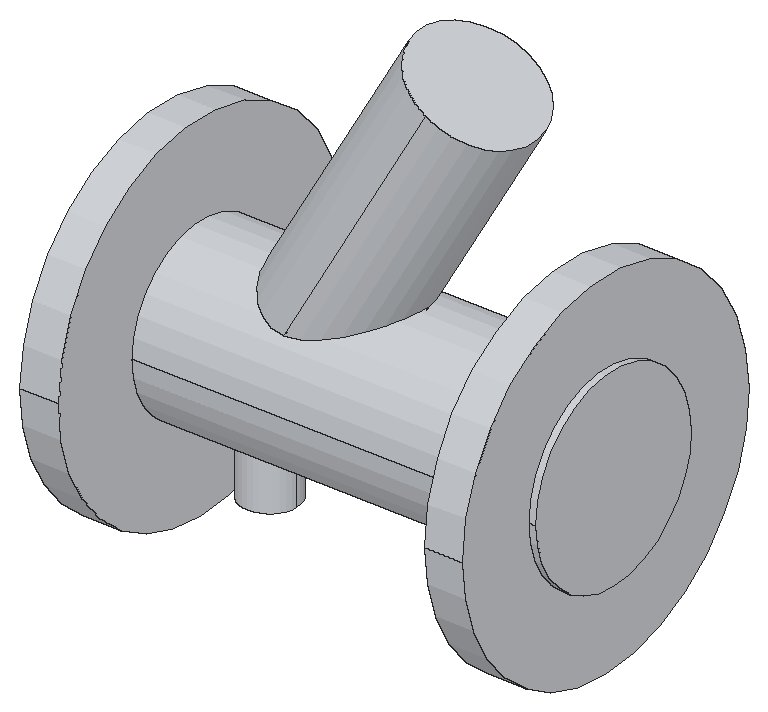
Revit family "HS 821-síto_standard-PN25-DN032-RFA_2018", category Pipe Accessories, Revit 2018
Family settings
  Round Connector Dimension = Use Diameter
  Part Type = Breaks Into
  Work Plane-Based = No
  Always vertical = Yes
  Cut with Voids When Loaded = No
  Shared = No
Parameters (values of type "821D-DN032-PN25-síto_standard")
  magiProductId = "6be9a55c4e68400f94eec7e804204c"
  magiProductFamilyId = "79214ac3aaa945e397802f559f5c1e"
  magiPartTypeId = 307
  isMeasuringValve [instance] = no
  ang2D [instance] = 0.00°
  ZB__ve = -ZB  # -23 mm
  ZB1 = 30.78 mm
  ZB = 23 mm
  X2 = 68.849 mm
  X1 = 25.2 mm
  W2D = 15 mm
  VersionID = "2.0/2017.9.26.1/ZETKAMA_821_001"
  Use Minimum Symbol Size [instance] = yes
  URL = "www.hydronic.cz"
  Type Comments = "Filtr přírubový; síto standardní; A-PN16 (-10~300°C); D-PN25 (-10~350°C); F-PN40 (-10~400°C)"
  S = 76 mm
  QmdConnectorList = "301;D;302;D"
  Productdata [instance] = ""
  Manufacturer = "Hydronic Systems Prague s.r.o."
  MC Product Code = "200 232 (821D; DN032; PN25; kvs23,7; oko síta 1,00mm)"
  LM1 = 14.4 mm
  LM = 144 mm
  L4 = 45 mm
  L2D_Min = 3048 mm
  L2D = 130 mm
  L2 = 90 mm
  HH2 = 119.25 mm
  FD = 140 mm
  Description = "Filtr přírubový; síto standardní; 821A-PN16; 821D-PN25; 821F-PN40"
  DM1 = 50.4 mm
  DM = 68.4 mm
  D = 32 mm
  CC = 3.06 mm
  CAT0 = yes
  C1 = 14.94 mm
  C = 18 mm
  BD = 21.546 mm
Types (40, lengths in mm): name | magiProductId | ZB__ve | ZB1 | ZB | X2 | X1 | S | MC Product Code | LM1 | LM | L4 | L2 | HH2 | FD | DM1 | DM | D | CC | C1 | C | BD
  821A-DN015-PN16-síto_standard | "a71bcfe8b393460598b23e8ddf7dc5" | -16.25 | 18.63 | 16.25 | 46.982 | 18.2 | 46 | "200 115 (821A; DN015; PN16; kvs6,3; oko síta 1,00mm)" | 10.4 | 104 | 32.5 | 65 | 81.375 | 95 | 27.6 | 41.4 | 15 | 2.21 | 10.79 | 13 | 13.041
  821A-DN020-PN16-síto_standard | "41cd6c7a12924f4991217528336076" | -17.75 | 22.68 | 17.75 | 51.673 | 21 | 56 | "200 120 (821A; DN020; PN16; kvs11,2; oko síta 1,00mm)" | 12 | 120 | 37.5 | 75 | 89.5 | 105 | 33.6 | 50.4 | 20 | 2.55 | 12.45 | 15 | 15.876
  821A-DN025-PN16-síto_standard | "be378b463ed14c3abf4c9b3ae8cf3a" | -19.25 | 26.325 | 19.25 | 58.601 | 22.4 | 65 | "200 125 (821A; DN025; PN16; kvs14,7; oko síta 1,00mm)" | 12.8 | 128 | 40 | 80 | 101.5 | 115 | 43.2 | 58.5 | 25 | 2.72 | 13.28 | 16 | 18.427
  821A-DN032-PN16-síto_standard | "227a0d18b21540afabe8b6067d35fa" | -23 | 30.78 | 23 | 68.849 | 25.2 | 76 | "200 132 (821A; DN032; PN16; kvs23,7; oko síta 1,00mm)" | 14.4 | 144 | 45 | 90 | 119.25 | 140 | 50.4 | 68.4 | 32 | 3.06 | 14.94 | 18 | 21.546
  821A-DN040-PN16-síto_standard | "d106917c74724141a10440112d0102" | -24.5 | 34.02 | 24.5 | 75.777 | 28 | 84 | "200 140 (821A; DN040; PN16; kvs37,7; oko síta 1,00mm)" | 16 | 160 | 50 | 100 | 131.25 | 150 | 60 | 75.6 | 40 | 3.4 | 16.6 | 20 | 23.814
  821A-DN050-PN16-síto_standard | "8255d456a09e4f6486734f5dd9171b" | -26.75 | 40.095 | 26.75 | 79.061 | 32.2 | 99 | "200 150 (821A; DN050 PN16; kvs57,9; oko síta 1,00mm)" | 18.4 | 184 | 57.5 | 115 | 136.938 | 165 | 73.8 | 89.1 | 50 | 3.91 | 19.09 | 23 | 28.066
  821A-DN065-PN16-síto_standard | "235b1b3e4c0843779a4d5e3716d40a" | -29.75 | 47.79 | 29.75 | 86.927 | 40.6 | 118 | "200 165 (821A; DN065; PN16; kvs101,5; oko síta 1,25mm)" | 23.2 | 232 | 72.5 | 145 | 150.562 | 185 | 94.2 | 106.2 | 65 | 4.93 | 24.07 | 29 | 33.453
  821A-DN080-PN16-síto_standard | "a067f7c5236348ed8c820d16df7214" | -32 | 53.46 | 32 | 104.753 | 43.4 | 132 | "200 180 (821A; DN080; PN16; kvs147,4; oko síta 1,25mm)" | 24.8 | 248 | 77.5 | 155 | 181.438 | 200 | 107.4 | 118.8 | 80 | 5.27 | 25.73 | 31 | 37.422
  821A-DN100-PN16-síto_standard | "c49a648c2747461285837d643703cd" | -35 | 63.18 | 35 | 114.857 | 49 | 156 | "200 190 (821A; DN100; PN16; kvs209,6; oko síta 1,60mm)" | 28 | 280 | 87.5 | 175 | 198.937 | 220 | 131.4 | 140.4 | 100 | 5.95 | 29.05 | 35 | 44.226
  821A-DN125-PN16-síto_standard | "bf68e728a163493cbd2a663b26ebdc" | -39.5 | 74.52 | 39.5 | 131.888 | 56 | 184 | "200 191 (821A; DN125; PN16; kvs326,2; oko síta 1,60mm)" | 32 | 320 | 100 | 200 | 228.438 | 250 | 165 | 165.6 | 125 | 6.8 | 33.2 | 40 | 52.164
  821A-DN150-PN16-síto_standard | "2de770284b654863ae6bc865769dc5" | -44.75 | 85.455 | 44.75 | 155.885 | 67.2 | 211 | "200 192 (821A; DN150; PN16; kvs403; oko síta 1,60mm)" | 38.4 | 384 | 120 | 240 | 270 | 285 | 192 | 189.9 | 150 | 8.16 | 39.84 | 48 | 59.818
  821A-DN200-PN16-síto_standard | "8e5693371ab64aabb29a7f08c76e15" | -53 | 107.73 | 53 | 188.361 | 84 | 266 | "200 193 (821A; DN200; PN16; kvs707; oko síta 1,60mm)" | 48 | 480 | 150 | 300 | 326.25 | 340 | 252 | 239.4 | 200 | 10.2 | 49.8 | 60 | 75.411
  821A-DN250-PN16-síto_standard | "05e37ed948c34047acdd4c42556504" | -62.75 | 129.195 | 62.75 | 255.911 | 102.2 | 319 | "200 194 (821A; DN250; PN16; kvs1234; oko síta 1,60mm)" | 58.4 | 584 | 182.5 | 365 | 443.25 | 405 | 309.6 | 287.1 | 250 | 12.41 | 60.59 | 73 | 90.436
  821A-DN300-PN16-síto_standard | "9ad0af747269428da925480d83ce80" | -71 | 149.85 | 71 | 325.914 | 119 | 370 | "200 195 (821A; DN300; PN16; kvs1916; oko síta 1,60mm)" | 68 | 680 | 212.5 | 425 | 564.5 | 460 | 369.6 | 333 | 300 | 14.45 | 70.55 | 85 | 104.895
  821A-DN350-PN16-síto_standard | "eebc71459bb3451bb4355e7951370a" | -80 | 173.745 | 80 | 356.875 | 137.2 | 429 | "200 196 (821A; DN350; PN16; kvs2621; oko síta 1,60mm)" | 78.4 | 784 | 245 | 490 | 618.125 | 520 | 438 | 386.1 | 350 | 16.66 | 81.34 | 98 | 121.621
  821A-DN400-PN16-síto_standard | "d2f677cb196647e385b2590e7d8abe" | -89 | 194.4 | 89 | 392.237 | 154 | 480 | "200 197 (821A; DN400; PN16; kvs3460; oko síta 1,60mm)" | 88 | 880 | 275 | 550 | 679.375 | 580 | 498 | 432 | 400 | 18.7 | 91.3 | 110 | 136.08
  821D-DN015-PN25-síto_standard | "27ddcbf555414f8ca1fde329bf9087" | -16.25 | 18.63 | 16.25 | 46.982 | 18.2 | 46 | "200 215 (821D; DN015; PN25; kvs6,3; oko síta 1,00mm)" | 10.4 | 104 | 32.5 | 65 | 81.375 | 95 | 27.6 | 41.4 | 15 | 2.21 | 10.79 | 13 | 13.041
  821D-DN020-PN25-síto_standard | "270e0f14012f47189cd0235c18faee" | -17.75 | 22.68 | 17.75 | 51.673 | 21 | 56 | "200 220 (821D; DN020; PN25; kvs11,2; oko síta 1,00mm)" | 12 | 120 | 37.5 | 75 | 89.5 | 105 | 33.6 | 50.4 | 20 | 2.55 | 12.45 | 15 | 15.876
  821D-DN025-PN25-síto_standard | "b9a7fb4aa36643878c637d8e1ab992" | -19.25 | 26.325 | 19.25 | 58.601 | 22.4 | 65 | "200 225 (821D; DN025; PN25; kvs14,7; oko síta 1,00mm)" | 12.8 | 128 | 40 | 80 | 101.5 | 115 | 43.2 | 58.5 | 25 | 2.72 | 13.28 | 16 | 18.427
  821D-DN032-PN25-síto_standard | "6be9a55c4e68400f94eec7e804204c" | -23 | 30.78 | 23 | 68.849 | 25.2 | 76 | "200 232 (821D; DN032; PN25; kvs23,7; oko síta 1,00mm)" | 14.4 | 144 | 45 | 90 | 119.25 | 140 | 50.4 | 68.4 | 32 | 3.06 | 14.94 | 18 | 21.546
  821D-DN040-PN25-síto_standard | "c54511bd7f584ec2984291479612cb" | -24.5 | 34.02 | 24.5 | 75.777 | 28 | 84 | "200 240 (821D; DN040; PN25; kvs37,7; oko síta 1,00mm)" | 16 | 160 | 50 | 100 | 131.25 | 150 | 60 | 75.6 | 40 | 3.4 | 16.6 | 20 | 23.814
  821D-DN050-PN25-síto_standard | "5483b1f596b04cd39b23a14a22c90e" | -26.75 | 40.095 | 26.75 | 79.061 | 32.2 | 99 | "200 250 (821D; DN050; PN25; kvs57,9; oko síta 1,00mm)" | 18.4 | 184 | 57.5 | 115 | 136.938 | 165 | 73.8 | 89.1 | 50 | 3.91 | 19.09 | 23 | 28.066
  821D-DN065-PN25-síto_standard | "767b0f8318e94750bc7a9930ed5b30" | -29.75 | 47.79 | 29.75 | 86.927 | 40.6 | 118 | "200 265 (821D; DN065; PN25; kvs101,5; oko síta 1,25mm)" | 23.2 | 232 | 72.5 | 145 | 150.562 | 185 | 94.2 | 106.2 | 65 | 4.93 | 24.07 | 29 | 33.453
  821D-DN080-PN25-síto_standard | "e21040fa3cc2404b858198f6b73709" | -32 | 53.46 | 32 | 104.753 | 43.4 | 132 | "200 280 (821D; DN080; PN25; kvs147,4; oko síta 1,25mm)" | 24.8 | 248 | 77.5 | 155 | 181.438 | 200 | 107.4 | 118.8 | 80 | 5.27 | 25.73 | 31 | 37.422
  821D-DN100-PN25-síto_standard | "175ca87a506b40b3bc6b82f12f33cf" | -37.25 | 63.18 | 37.25 | 114.857 | 49 | 156 | "200 290 (821D; DN100; PN25; kvs209,6; oko síta 1,60mm)" | 28 | 280 | 87.5 | 175 | 198.937 | 235 | 131.4 | 140.4 | 100 | 5.95 | 29.05 | 35 | 44.226
  821D-DN125-PN25-síto_standard | "77cc98d60da24855999a22dff726b2" | -42.5 | 74.52 | 42.5 | 131.888 | 56 | 184 | "200 291 (821D; DN125; PN25; kvs326,2; oko síta 1,60mm)" | 32 | 320 | 100 | 200 | 228.438 | 270 | 165 | 165.6 | 125 | 6.8 | 33.2 | 40 | 52.164
  821D-DN150-PN25-síto_standard | "9cf8acfcd15547d68e83172d3abcbe" | -47 | 85.455 | 47 | 155.885 | 67.2 | 211 | "200 292 (821D; DN150; PN25; kvs403; oko síta 1,60mm)" | 38.4 | 384 | 120 | 240 | 270 | 300 | 192 | 189.9 | 150 | 8.16 | 39.84 | 48 | 59.818
  821D-DN200-PN25-síto_standard | "16973f3c9ea14389ba8602495a6b64" | -56 | 110.97 | 56 | 188.361 | 84 | 274 | "200 293 (821D; DN200; PN25; kvs707; oko síta 1,60mm)" | 48 | 480 | 150 | 300 | 326.25 | 360 | 252 | 246.6 | 200 | 10.2 | 49.8 | 60 | 77.679
  821F-DN015-PN40-síto_standard | "4c7eaf3c4c0340888b3e684d8a8616" | -16.25 | 18.225 | 16.25 | 46.982 | 18.2 | 45 | "240 615 (821F; DN015; PN40; kvs6,3; oko síta 1,00mm)" | 10.4 | 104 | 32.5 | 65 | 81.375 | 95 | 27.6 | 40.5 | 15 | 2.21 | 10.79 | 13 | 12.757
  821F-DN020-PN40-síto_standard | "aaac5f1ec96b44d6ba96ac2293d66d" | -17.75 | 23.49 | 17.75 | 51.673 | 21 | 58 | "240 620 (821F; DN020; PN40; kvs11,2; oko síta 1,00mm)" | 12 | 120 | 37.5 | 75 | 89.5 | 105 | 33.6 | 52.2 | 20 | 2.55 | 12.45 | 15 | 16.443
  821F-DN025-PN40-síto_standard | "504768023968471481789485b54c7e" | -19.25 | 27.54 | 19.25 | 58.601 | 22.4 | 68 | "240 625 (821F; DN025; PN40; kvs14,7; oko síta 1,00mm)" | 12.8 | 128 | 40 | 80 | 101.5 | 115 | 43.2 | 61.2 | 25 | 2.72 | 13.28 | 16 | 19.278
  821F-DN032-PN40-síto_standard | "165e7f39cf744f329bdf1c400dad12" | -23 | 31.59 | 23 | 68.849 | 25.2 | 78 | "240 632 (821F; DN032; PN40; kvs23,7; oko síta 1,00mm)" | 14.4 | 144 | 45 | 90 | 119.25 | 140 | 50.4 | 70.2 | 32 | 3.06 | 14.94 | 18 | 22.113
  821F-DN040-PN40-síto_standard | "b8903f952089408fbf3a5a632bab1f" | -24.5 | 35.64 | 24.5 | 75.777 | 28 | 88 | "240 640 (821F; DN040; PN40; kvs37,7; oko síta 1,00mm)" | 16 | 160 | 50 | 100 | 131.25 | 150 | 60 | 79.2 | 40 | 3.4 | 16.6 | 20 | 24.948
  821F-DN050-PN40-síto_standard | "c451f97266fe48da8f879cb6a2bd44" | -26.75 | 41.31 | 26.75 | 79.061 | 32.2 | 102 | "240 650 (821F; DN050; PN40; kvs57,9; oko síta 1,00mm)" | 18.4 | 184 | 57.5 | 115 | 136.938 | 165 | 73.8 | 91.8 | 50 | 3.91 | 19.09 | 23 | 28.917
  821F-DN065-PN40-síto_standard | "dc9821e3f9b34e128f6a8c6b34c198" | -29.75 | 49.41 | 29.75 | 86.927 | 40.6 | 122 | "240 665 (821F; DN065; PN40; kvs101,5; oko síta 1,25mm)" | 23.2 | 232 | 72.5 | 145 | 150.562 | 185 | 94.2 | 109.8 | 65 | 4.93 | 24.07 | 29 | 34.587
  821F-DN080-PN40-síto_standard | "689aa1e260f84cf4994f027a1d86b5" | -32 | 55.89 | 32 | 104.753 | 43.4 | 138 | "240 680 (821F; DN080; PN40; kvs147,4; oko síta 1,25mm)" | 24.8 | 248 | 77.5 | 155 | 181.438 | 200 | 107.4 | 124.2 | 80 | 5.27 | 25.73 | 31 | 39.123
  821F-DN100-PN40-síto_standard | "8a45d4e8e2ab425f8c432f21d684f3" | -37.25 | 65.61 | 37.25 | 114.857 | 49 | 162 | "240 690 (821F; DN100; PN40; kvs209,6; oko síta 1,6mm)" | 28 | 280 | 87.5 | 175 | 198.937 | 235 | 131.4 | 145.8 | 100 | 5.95 | 29.05 | 35 | 45.927
  821F-DN125-PN40-síto_standard | "cf073904c006406b8645afa67ea2fc" | -42.5 | 76.14 | 42.5 | 131.888 | 56 | 188 | "240 691 (821F; DN125; PN40; kvs326,2; oko síta 1,6mm)" | 32 | 320 | 100 | 200 | 228.438 | 270 | 165 | 169.2 | 125 | 6.8 | 33.2 | 40 | 53.298
  821F-DN150-PN40-síto_standard | "0153b9ddabe14992a630484929fdbc" | -47 | 88.29 | 47 | 155.885 | 67.2 | 218 | "240 692 (821F; DN150; PN40; kvs403; oko síta 1,6mm)" | 38.4 | 384 | 120 | 240 | 270 | 300 | 192 | 196.2 | 150 | 8.16 | 39.84 | 48 | 61.803
  821F-DN200-PN40-síto_standard | "7fb3fc01dd8d42428c203e3f8dd4d5" | -56 | 115.425 | 56 | 188.361 | 84 | 285 | "240 693 (821F; DN200; PN40; kvs707; oko síta 1,6mm)" | 48 | 480 | 150 | 300 | 326.25 | 360 | 252 | 256.5 | 200 | 10.2 | 49.8 | 60 | 80.797
Reference planes
  plane 1 "Center (Front/Back)": y = 0
  plane 2 "XYPLANE": z = 0
  plane 3 "Center (Left/Right)": x = 0
  plane 4 "109": x = -57.6
  plane 5 "108": x = 72
  plane 6 "107": x = -72
  plane 7 "105": x = 90
  plane 8 "104": x = -90
  plane 9 "103": y = 0
  plane 10 "102": z = 0
  plane 11 "101": x = -86.94
  plane 12 "100": x = 86.94
  plane 13 "11": x = -32.4
  plane 14 "10": z = 119.25
  plane 15 "9": x = 36.449
  plane 16 "5": z = -30.78
  plane 17 "4": x = -45
  plane 18 "1": x = 45
Forms (mm)
  Extrusion 1, solid, visible <- "CAT0"
    sketch origin (-72, -750, 0) x (0, 1, 0) y (0, 0, 1)
      loop
        circle (750, 0) r 34.2
    from 0 to 144 <- "LM"
  Extrusion 2, solid
    sketch origin (-90, -750, 0) x (0, 1, 0) y (0, 0, 1)
      loop
        circle (750, 0) r 38
    from 0 to 3.06 <- "CC"
  Extrusion 3, solid
    sketch origin (-86.94, -750, 0) x (0, 1, 0) y (0, 0, 1)
      loop
        circle (750, 0) r 70
    from 0 to 14.94 <- "C1"
  Extrusion 4, solid
    sketch origin (72, -750, 0) x (0, 1, 0) y (0, 0, 1)
      loop
        circle (750, 0) r 70
    from 0 to 14.94 <- "C1"
  Extrusion 5, solid
    sketch origin (86.94, -750, 0) x (0, 1, 0) y (0, 0, 1)
      loop
        circle (750, 0) r 38
    from 0 to 3.06 <- "CC"
  Sweep 6, solid, visible <- "CAT0"
    path origin (750, 0, 0) x (-1, 0, 0) y (0, 0, 1)
      loop
        line (822, 0) -> (782.4, 0) -> (713.551, 119.25)
    profile origin (-72, 0, 0) x (0, 0, -1) y (0, 1, 0)
      loop
        circle (0, 0) r 25.2
  Extrusion 7, solid, visible <- "CAT0"
    sketch origin (-750, 0, -30.78) x (1, 0, 0) y (0, 1, 0)
      loop
        circle (705, 0) r 10.773
    from 0 to -23 <- "ZB__ve"
  Extrusion 8, solid, visible <- "CAT0"
    sketch origin (-750, 0, -30.78) x (1, 0, 0) y (0, 1, 0)
      loop
        circle (795, 0) r 10.773
    from 0 to -23 <- "ZB__ve"
  Extrusion 9, solid, not visible
    sketch origin (90, -750, 0) x (0, 1, 0) y (0, 0, 1)
      loop
        circle (750, 0) r 10
    from 0 to -10
  Extrusion 10, solid, not visible
    sketch origin (-90, -750, 0) x (0, 1, 0) y (0, 0, 1)
      loop
        circle (750, 0) r 10
    from 0 to 10
Lines and regions (mm)
  reference lines, not visible
    curve 1: circle (2, 2, 0) r 1 normal (0, 0, 1)
Dimensions and locks
  plane 1 "Center (Front/Back)" to curve 1 = 2 mm
  "LM1": plane 6 "107" to plane 4 "109"
  "LM": plane 6 "107" to plane 5 "108"
  "C": plane 8 "104" to plane 6 "107"
  "L2": plane 3 "Center (Left/Right)" to plane 7 "105"
  "L2": plane 3 "Center (Left/Right)" to plane 8 "104"
  locked: plane 1 "Center (Front/Back)" to plane 9 "103"
  locked: plane 2 "XYPLANE" to plane 10 "102"
  "CC": plane 8 "104" to plane 11 "101"
  "C1": plane 5 "108" to plane 12 "100"
  "X1": plane 4 "109" to plane 13 "11"
  "HH2": plane 2 "XYPLANE" to plane 14 "10"
  "X2": plane 13 "11" to plane 15 "9"
  "ZB1": plane 2 "XYPLANE" to plane 16 "5"
  "L4": plane 8 "104" to plane 17 "4"
  "L2": plane 17 "4" to plane 18 "1"
  Sweep 6 sketch curve to Sweep 6 sketch curve = 0 mm  (x2)
  "DM": diameter of Extrusion 1 sketch curve
  "S": diameter of Extrusion 2 sketch curve
  "FD": diameter of Extrusion 3 sketch curve
  "FD": diameter of Extrusion 4 sketch curve
  "S": diameter of Extrusion 5 sketch curve
  "DM1": diameter of Sweep 6 sketch curve
  "BD": diameter of Extrusion 7 sketch curve
  "BD": diameter of Extrusion 8 sketch curve
  aligned and locked: level to plane 2 "XYPLANE"
  aligned and locked: Extrusion 1 sketch curve to plane 9 "103"
  aligned and locked: plane 10 "102" to Extrusion 1 sketch curve
  aligned and locked: Extrusion 2 sketch curve to plane 9 "103"
  aligned and locked: plane 10 "102" to Extrusion 2 sketch curve
  aligned and locked: Extrusion 3 sketch curve to plane 9 "103"
  aligned and locked: plane 10 "102" to Extrusion 3 sketch curve
  aligned and locked: Extrusion 4 sketch curve to plane 9 "103"
  aligned and locked: plane 10 "102" to Extrusion 4 sketch curve
  aligned and locked: Extrusion 5 sketch curve to plane 9 "103"
  aligned and locked: plane 10 "102" to Extrusion 5 sketch curve
  aligned and locked: Sweep 6 sketch curve to plane 9 "103"
  aligned and locked: plane 10 "102" to Sweep 6 sketch curve  (x3)
  aligned and locked: plane 6 "107" to Sweep 6 sketch curve
  aligned and locked: plane 13 "11" to Sweep 6 sketch curve
  aligned and locked: plane 14 "10" to Sweep 6 sketch curve
  aligned and locked: plane 15 "9" to Sweep 6 sketch curve
  aligned and locked: plane 9 "103" to Extrusion 7 sketch curve
  aligned and locked: plane 17 "4" to Extrusion 7 sketch curve
  aligned and locked: plane 9 "103" to Extrusion 8 sketch curve
  aligned and locked: plane 18 "1" to Extrusion 8 sketch curve
  aligned and locked: Extrusion 9 sketch curve to plane 9 "103"
  aligned and locked: plane 10 "102" to Extrusion 9 sketch curve
  aligned and locked: Extrusion 10 sketch curve to plane 9 "103"
  aligned and locked: plane 10 "102" to Extrusion 10 sketch curve
Automatic sketch dimensions
  plane 1 "Center (Front/Back)" to Extrusion 9 sketch curve = 10 mm
  plane 1 "Center (Front/Back)" to Extrusion 10 sketch curve = 10 mm
  plane 3 "Center (Left/Right)" to curve 1 = 2 mm
  radius of curve 1 = 1 mm
Connectors
  piping at (-90, 0, 0), diameter 32, driven by "D"
    settings: on Extrusion 10, index 1, connector inside diameter 609.6 mm, connector length 0 mm, flow factor 0, pipe flow 0.0 L/s, pressure drop 0.0 Pa, fitting loss kfactor 0, connector angle 0.00°, fixture units 0, engagement length 0 mm, angle of deflection 0.00°, flow configuration 0, flow direction 0, fitting loss method 0, system type 29, joint type 0, gender type 0, connector reference index 2, connector utility 0, adjustable connector no, is connector primary yes, connector description ""
  piping at (90, 0, 0), diameter 32, driven by "D"
    settings: on Extrusion 9, index 2, connector inside diameter 609.6 mm, connector length 0 mm, flow factor 0, pipe flow 0.0 L/s, pressure drop 0.0 Pa, fitting loss kfactor 0, connector angle 0.00°, fixture units 0, engagement length 0 mm, angle of deflection 0.00°, flow configuration 0, flow direction 0, fitting loss method 0, system type 29, joint type 0, gender type 0, connector reference index 1, connector utility 0, adjustable connector no, is connector primary no, connector description ""
